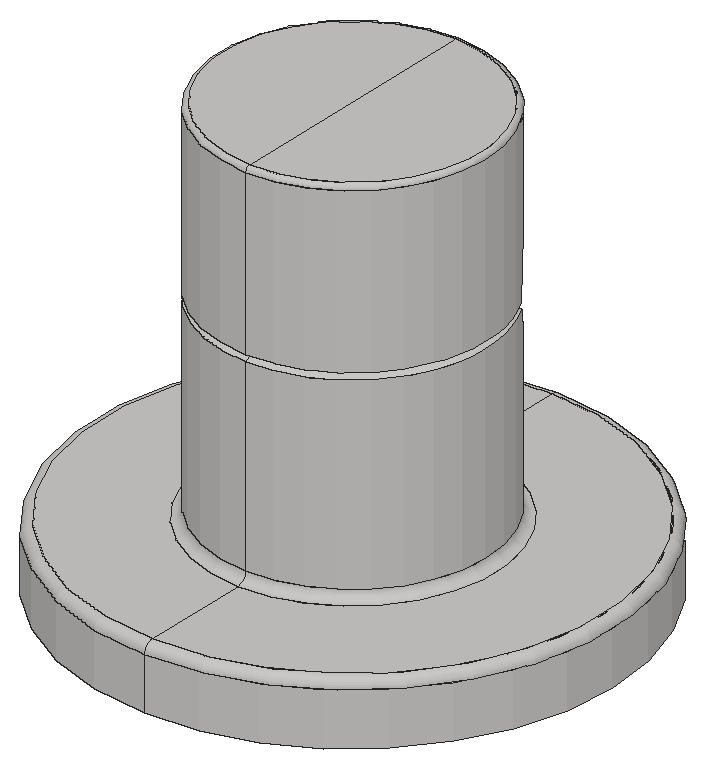
Revit family "PlumbingFixture_GroheLimited_EssentialsRobeHook_40364000_METRICa", category Plumbing Fixtures, host Face, Revit 2015
Parameters (values of type "40364000")
  _DistributedBy = "www.bimstore.co.uk"
  _CurrentRevision = 1
  _CreatedBy = "www.bimstore.co.uk"
  _BimSpecGuid = 0
  _BSBibleVersion = 14
  _AuthorizedBy = "Kris Atkinson"
  _Author = "Ryan Lashley"
  Waste Connection = no
  WarrantyStartDate [instance] = "Please Record On Commissioning."
  WarrantyGuarantorParts = "info-uk@grohe.com"
  WarrantyGuarantorLabor = "info-uk@grohe.com"
  WarrantyDurationUnit = "Years"
  WarrantyDurationParts = "n/a"
  WarrantyDurationLabor = "n/a"
  WarrantyDescription = "n/a"
  WFU = 0
  Vent Connection = no
  URL = "www.grohe.com"
  TypeName = Model  # "Essentials Toilet Brush Set"
  Type Comments = "40364000"
  SpareParts = "n/a"
  Size = "n/a"
  Shape = "n/a"
  SerialNumber [instance] = "Please Record On Commissioning."
  ReplacementCost = "n/a"
  ReferencedStandard = "n/a"
  ProductionYear = "2017"
  ProductPageURL = "http://www.grohe.co.uk/en_gb/essentials-robe-hook-40364000.html"
  ProductDocumentationLink = "http://www.grohe.co.uk/pim/profile/1000000/600000/00000/5000/100/121650.pdf"
  PrimaryMaterial = GroheLimited-Chorme
  Width = 54 mm
  Length = 54 mm
  Height = 45 mm
  PipeMaterial = GroheLimited-Pipework
  PercentageOfRecycledContent = "n/a"
  NominalLength = 54 mm
  NominalHeight = 45 mm
  NominalDepth = 54 mm
  NBSReference = "45-35-72/322"
  NBSOfficeMasterTag = "n/a"
  NBSObjectName = "Grohe Limited - Clothes hooks"
  NBSNote = ""
  NBSDescription = "Clothes hooks"
  ModelReference = Model  # "Essentials Toilet Brush Set"
  ModelNumber = Type Comments  # "40364000"
  Model = "Essentials Toilet Brush Set"
  Material = "Chrome"
  MasterformatTitle = "Residential Faucets, Supplies, and Trim"
  MasterformatNumber = "22 41 39"
  ManufacturerName = "Grohe Limited"
  Manufacturer = "Grohe Limited"
  LowEmittingMaterial = no
  LEEDCredit = "n/a"
  Keynote = "N13"
  InstallationDate [instance] = "Please Record On Commissioning."
  IndustryStandards = "n/a"
  IfcExportType = "IfcPipeFittingType"
  IfcExportAs = "IfcPipeFitting"
  HotWaterConnectionDiameter = 10 mm
  HWFU = 0
  HW Connection = no
  Grade = "n/a"
  Finish = Material  # "Chrome"
  Features = Description  # "Essentials Robe Hook"
  ExpectedLife = 0
  Ecojoy = no
  DurationUnit = "Years"
  DocumentationTechnical = "n/a"
  DocumentationMaintenance = "n/a"
  DocumentationLiterature = "n/a"
  DocumentationInstallationGuide = "n/a"
  DocumentationCertificates = "n/a"
  Description = "Essentials Robe Hook"
  Default Elevation = 0 mm
  CreatedOn = "2017-06-01T09:00:00"
  CreatedBy = "info-uk@grohe.com"
  Cost = 0
  Constituents = "n/a"
  Color = Material  # "Chrome"
  ColdWaterConnectionDiameter = 10 mm
  CodePerformance = "n/a"
  ClassificationValue = "Pr_40_30_78_15"
  ClassificationName = "Uniclass2015"
  CWFU = 0
  CW Connection = no
  BarCode [instance] = "Please Record On Commissioning."
  BIMObjectName = "PlumbingFixture_GroheLimited_EssentialsRobeHook_40364000_METRIC"
  AssetType = "Fixed"
  AssetIdentifier [instance] = "Please Record On Commissioning."
  Assembly Code = "C1030220"
  AccessibilityPerformance = "n/a"
  ADACompliant = no
Types (10, lengths in mm): name | Type Comments | PrimaryMaterial | ModelNumber | Material | Finish | Color
  (no name) | "40364000" | GroheLimited-Chorme | "40364000" | "Chrome" | "Chrome" | "Chrome"
  40364000 | "40364000" | GroheLimited-Chorme | "40364000" | "Chrome" | "Chrome" | "Chrome"
  40364A01 | "40364A01" | GroheLimited-HardGraphite | "40364A01" | "Hard Graphite" | "Hard Graphite" | "Hard Graphite"
  40364AL1 | "40364AL1" | GroheLimited-BrushedHardGraphite | "40364AL1" | "Brushed Hard Graphite" | "Brushed Hard Graphite" | "Brushed Hard Graphite"
  40364BE1 | "40364BE1" | GroheLimited-Nickel | "40364BE1" | "Nickel" | "Nickel" | "Nickel"
  40364DA1 | "40364DA1" | GroheLimited-WarmSunset | "40364DA1" | "Warm Sunset" | "Warm Sunset" | "Warm Sunset"
  40364DL1 | "40364DL1" | GroheLimited-BrushedWarmSunset | "40364DL1" | "Brushed Warm Sunset" | "Brushed Warm Sunset" | "Brushed Warm Sunset"
  40364EN1 | "40364EN1" | GroheLimited-BrushedNickel | "40364EN1" | "Brushed Nickel" | "Brushed Nickel" | "Brushed Nickel"
  40364GL1 | "40364GL1" | GroheLimited-CoolSunrise | "40364GL1" | "Cool Sunrise" | "Cool Sunrise" | "Cool Sunrise"
  40364GN1 | "40364GN1" | GroheLimited-BrushedCoolSunrise | "40364GN1" | "Brushed Cool Sunrise" | "Brushed Cool Sunrise" | "Brushed Cool Sunrise"
Reference planes
  plane 1 "Center (Front/Back)": y = 0
  plane 2: z = 0
  plane 3 "Center (Left/Right)": x = 0
  plane 4: z = 0
Forms (mm)
  Revolve 1, solid, material "GroheLimited-Chorme" <- "PrimaryMaterial"
    sketch origin (0, 0, 0) x (0, 1, 0) y (0, 0, 1)
      loop
        line (0, 45) -> (-13.355, 45)
        arc (-13.355, 45) -> (-13.708, 44.854) -> (-13.855, 44.5) r 0.5
        line (-13.855, 44.5) -> (-13.855, 27.595) -> (-13.115, 27.25) -> (-13.855, 26.906) -> (-13.855, 7.455)
        arc (-13.855, 7.455) -> (-14.148, 6.748) -> (-14.855, 6.455) r 1
        line (-14.855, 6.455) -> (-26, 6.455)
        arc (-26, 6.455) -> (-26.707, 6.162) -> (-27, 5.455) r 1
        line (-27, 5.455) -> (-27, 0) -> (0, 0) -> (0, 45)
      axis (0, 45) -> (0, 0)
    angle from 0 to 360
  Extrusion 2, void
    sketch origin (0, 0, 0) x (0, 1, 0) y (0, 0, 1)
      loop
        arc (14.569, 39.974) -> (6.62, 29.025) -> (14.569, 18.076) r 11.515
        line (14.569, 18.076) -> (14.569, 39.974)
    from -19.373 to 19.463
Cuts and joins
  Extrusion 2 cuts Revolve 1
Dimensions and locks
  aligned and locked: plane 2 to host face
  aligned and locked: level to host face
